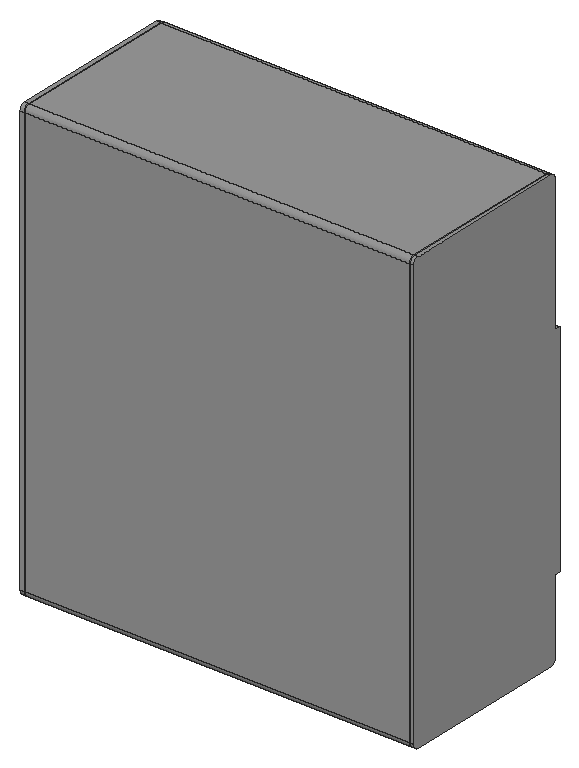
Revit family "L&L_LUCE&LIGHT_PASITO_1.0", category Lighting Fixtures, host Wall, Revit 2018 (continued)
Types (2, lengths in mm): name | Photometric Web File | built-in parameter 1150142
     \r\n12.42 12.08 11.77 11.39 11.08 10.76 10.46 10.13 9.83 9.54 \r\n9.19 8.92 8.64 8.34 8.08 7.80 7.51 7.27 7.03 6.77 6.50 \r\n6.27 6.04 5.79 5.54 5.32 5.10 4.86 4.64 4.44 4.24 4.02 \r\n3.83 3.65 3.46 3.27 3.09 2.92 2.74 2.58 2.42 2.25 2.09 \r\n1.93 1.79 1.55 1.11 0.54 0.12 0.01 \r\n0.01 0.06 0.26 0.56 1.05 1.76 1.98 2.01 2.08 2.24 2.89 \r\n4.08 5.77 7.89 10.31 13.23 16.95 21.35 26.32 32.09 39.55 \r\n48.38 58.14 68.86 79.59 88.46 94.89 99.36 102.63 105.23 \r\n107.89 110.80 113.68 116.29 118.59 120.67 122.97 125.38 \r\n127.43 129.26 131.30 133.23 134.94 136.48 137.92 139.39 \r\n140.77 141.91 142.75 143.63 144.53 145.13 145.46 145.71 \r\n145.88 145.80 145.41 144.89 144.34 143.64 142.75 141.62 \r\n140.13 138.44 136.71 134.82 132.76 130.49 127.94 125.12 \r\n122.04 118.70 115.09 111.14 106.79 102.05 96.95 91.46 \r\n85.70 79.87 74.17 68.77 63.77 59.22 55.12 51.49 48.28 \r\n45.43 42.91 40.66 38.65 36.84 35.19 33.67 32.22 30.85 \r\n29.57 28.37 27.27 26.27 25.35 24.51 23.74 23.03 22.37 \r\n21.76 21.21 20.73 20.32 19.95 19.57 19.13 18.64 18.14 \r\n17.66 17.20 16.79 16.42 16.09 15.76 15.35 14.92 14.57 \r\n14.25 13.89 13.51 13.17 12.83 12.49 12.14 11.81 11.52 \r\n11.19 10.83 10.55 10.27 9.95 9.68 9.41 9.09 8.82 8.55 \r\n8.24 8.00 7.77 7.49 7.26 7.03 6.78 6.53 6.31 6.10 5.86 \r\n5.63 5.42 5.22 5.00 4.78 4.58 4.40 4.20 3.99 3.81 3.64 \r\n3.45 3.28 3.11 2.95 2.78 2.63 2.48 2.32 2.18 2.03 1.88 \r\n1.74 1.48 1.02 0.48 0.11 0.01 \r\n0.01 0.05 0.23 0.50 0.90 1.55 1.94 1.99 2.03 2.11 2.34 \r\n3.08 4.24 5.84 7.79 10.02 12.74 16.04 19.98 24.34 29.21 \r\n35.61 43.23 51.66 60.85 70.67 79.95 86.97 91.91 95.26 \r\n97.74 99.96 102.21 104.28 106.32 108.34 110.18 111.71 \r\n113.16 114.73 116.21 117.43 118.62 119.76 120.79 121.78 \r\n122.65 123.23 123.66 124.11 124.47 124.61 124.55 124.41 \r\n124.25 123.94 123.41 122.64 121.75 120.81 119.78 118.57 \r\n117.18 115.62 113.88 111.98 109.95 107.80 105.56 103.23 \r\n100.74 98.07 95.17 92.10 88.88 85.50 81.95 78.20 74.28 \r\n70.23 66.14 62.10 58.21 54.53 51.13 48.02 45.19 42.64 \r\n40.34 38.27 36.41 34.72 33.18 31.73 30.36 29.04 27.79 \r\n26.63 25.58 24.61 23.72 22.89 22.11 21.40 20.76 20.19 \r\n19.68 19.21 18.76 18.29 17.82 17.35 16.89 16.47 16.08 \r\n15.71 15.39 15.08 14.72 14.32 13.95 13.63 13.30 12.94 \r\n12.59 12.29 11.97 11.63 11.32 11.06 10.77 10.45 10.15 \r\n9.89 9.62 9.32 9.06 8.82 8.57 8.30 8.05 7.82 7.58 7.34 \r\n7.12 6.90 6.67 6.44 6.24 6.03 5.81 5.60 5.41 5.21 5.01 \r\n4.82 4.64 4.47 4.28 4.09 3.91 3.75 3.58 3.40 3.24 3.09 \r\n2.94 2.78 2.64 2.50 2.36 2.22 2.09 1.96 1.83 1.68 1.38 \r\n0.92 0.42 0.09 0.01 \r\n0.01 0.05 0.20 0.43 0.75 1.27 1.82 1.97 2.00 2.05 2.12 \r\n2.35 3.03 4.08 5.46 7.15 9.10 11.43 14.22 17.55 21.33 \r\n25.40 30.03 35.97 43.07 50.80 58.98 67.35 75.20 81.47 \r\n85.99 88.97 90.87 92.38 93.94 95.52 96.99 98.37 99.53 \r\n100.43 101.29 102.13 102.78 103.28 103.84 104.45 104.96 \r\n105.22 105.19 105.06 105.03 105.00 104.90 104.61 104.06 \r\n103.43 102.80 102.06 101.09 99.93 98.72 97.46 96.14 94.78 \r\n93.36 91.83 90.17 88.33 86.41 84.44 82.48 80.52 78.51 \r\n76.40 74.17 71.83 69.37 66.79 64.11 61.34 58.49 55.61 \r\n52.72 49.88 47.13 44.52 42.07 39.79 37.70 35.79 34.04 \r\n32.45 30.98 29.62 28.31 27.06 25.85 24.72 23.67 22.71 \r\n21.83 21.02 20.26 19.55 18.91 18.33 17.80 17.30 16.81 \r\n16.33 15.88 15.48 15.12 14.78 14.45 14.12 13.79 13.44 \r\n13.10 12.78 12.47 12.16 11.85 11.56 11.26 10.96 10.68 \r\n10.42 10.14 9.85 9.59 9.34 9.08 8.84 8.59 8.35 8.12 7.91 \r\n7.69 7.46 7.24 7.03 6.83 6.63 6.42 6.22 6.02 5.83 5.64 \r\n5.47 5.29 5.11 4.92 4.75 4.59 4.42 4.25 4.09 3.93 3.78 \r\n3.62 3.46 3.31 3.17 3.03 2.88 2.74 2.61 2.49 2.36 2.24 \r\n2.12 2.00 1.88 1.76 1.59 1.27 0.81 0.36 0.08 0.01 \r\n0.01 0.04 0.16 0.36 0.62 1.01 1.53 1.94 1.97 2.00 2.05 \r\n2.11 2.27 2.75 3.57 4.71 6.10 7.67 9.48 11.66 14.21 17.17 \r\n20.58 24.35 28.37 33.12 38.85 45.34 52.45 59.82 66.77 \r\n72.60 76.97 80.06 82.11 83.42 84.38 85.27 86.09 86.84 \r\n87.56 88.17 88.57 88.82 88.98 89.12 89.24 89.23 89.05 \r\n88.73 88.34 87.94 87.55 87.11 86.58 85.93 85.20 84.44 \r\n83.60 82.69 81.72 80.69 79.61 78.47 77.24 75.99 74.70 \r\n73.38 71.99 70.56 69.07 67.56 66.01 64.40 62.75 61.04 \r\n59.27 57.45 55.57 53.63 51.63 49.57 47.45 45.28 43.11 \r\n40.96 38.88 36.89 35.01 33.24 31.59 30.07 28.64 27.31 \r\n26.04 24.83 23.66 22.55 21.50 20.51 19.59 18.75 17.99 \r\n17.34 16.76 16.24 15.76 15.29 14.83 14.38 13.95 13.58 \r\n13.24 12.92 12.61 12.31 12.01 11.72 11.42 11.12 10.84 \r\n10.57 10.31 10.05 9.80 9.57 9.32 9.08 8.85 8.62 8.40 8.18 \r\n7.96 7.75 7.55 7.35 7.15 6.96 6.78 6.60 6.42 6.22 6.04 \r\n5.87 5.71 5.54 5.37 5.21 5.04 4.88 4.73 4.59 4.44 4.28 \r\n4.13 3.99 3.85 3.71 3.56 3.43 3.30 3.17 3.04 2.92 2.79 \r\n2.66 2.54 2.43 2.32 2.21 2.10 2.00 1.89 1.79 1.69 1.47 \r\n1.12 0.69 0.29 0.07 0.01 \r\n0.01 0.03 0.12 0.29 0.50 0.77 1.15 1.61 1.94 1.97 1.99 \r\n2.02 2.09 2.16 2.39 2.88 3.65 4.68 5.92 7.29 8.86 10.67 \r\n12.73 15.09 17.77 20.79 24.17 27.96 32.27 37.13 42.40 \r\n48.11 54.17 60.06 65.10 68.89 71.46 73.16 74.18 74.68 \r\n74.98 75.29 75.61 75.82 75.91 75.92 75.87 75.76 75.53 \r\n75.17 74.68 74.14 73.64 73.12 72.59 72.02 71.37 70.66 \r\n69.91 69.16 68.41 67.62 66.80 65.95 65.07 64.14 63.13 \r\n62.08 61.01 59.91 58.79 57.62 56.42 55.19 53.93 52.66 \r\n51.36 50.03 48.65 47.22 45.73 44.18 42.56 40.88 39.16 \r\n37.42 35.68 33.96 32.28 30.65 29.09 27.62 26.23 24.90 \r\n23.62 22.39 21.20 20.07 18.99 17.99 17.05 16.19 15.40 \r\n14.69 14.06 13.52 13.05 12.64 12.29 11.98 11.69 11.43 \r\n11.17 10.91 10.64 10.37 10.12 9.87 9.62 9.39 9.15 8.92 \r\n8.71 8.51 8.32 8.12 7.92 7.72 7.53 7.35 7.17 6.99 6.82 \r\n6.64 6.48 6.32 6.15 5.99 5.84 5.69 5.55 5.40 5.25 5.11 \r\n4.97 4.83 4.70 4.57 4.44 4.31 4.17 4.04 3.92 3.80 3.67 \r\n3.54 3.42 3.31 3.20 3.09 2.97 2.87 2.76 2.65 2.55 2.45 \r\n2.35 2.24 2.14 2.05 1.96 1.87 1.79 1.71 1.57 1.32 0.96 \r\n0.56 0.22 0.05 0.01 \r\n0.01 0.03 0.10 0.22 0.38 0.58 0.82 1.15 1.52 1.82 1.95 \r\n1.97 2.00 2.03 2.09 2.18 2.35 2.66 3.15 3.90 4.83 5.91 \r\n7.13 8.50 10.09 11.91 13.97 16.18 18.47 21.04 23.99 27.37 \r\n31.20 35.47 40.00 44.70 49.18 53.35 57.03 60.09 62.22 \r\n63.54 64.15 64.35 64.35 64.28 64.22 64.18 64.04 63.78 \r\n63.38 62.90 62.37 61.83 61.28 60.75 60.20 59.63 59.03 \r\n58.41 57.79 57.16 56.52 55.87 55.20 54.51 53.78 53.03 \r\n52.24 51.41 50.55 49.67 48.77 47.85 46.91 45.92 44.90 \r\n43.84 42.76 41.64 40.49 39.29 38.04 36.74 35.37 33.95 \r\n32.48 30.96 29.44 27.91 26.42 24.98 23.58 22.23 20.90 \r\n19.60 18.33 17.11 15.95 14.88 13.92 13.06 12.31 11.66 \r\n11.12 10.70 10.37 10.11 9.89 9.69 9.47 9.25 9.02 8.79 \r\n8.57 8.36 8.17 8.00 7.82 7.65 7.47 7.29 7.12 6.95 6.79 \r\n6.63 6.49 6.35 6.21 6.07 5.93 5.79 5.66 5.53 5.41 5.28 \r\n5.16 5.04 4.93 4.81 4.69 4.58 4.46 4.35 4.24 4.13 4.02 \r\n3.92 3.82 3.72 3.61 3.51 3.40 3.30 3.20 3.11 3.01 2.92 \r\n2.83 2.74 2.65 2.56 2.47 2.39 2.30 2.21 2.12 2.05 1.97 \r\n1.89 1.82 1.75 1.67 1.56 1.37 1.11 0.78 0.44 0.18 0.05 \r\n0.01 \r\n0.01 0.03 0.08 0.15 0.27 0.41 0.56 0.74 0.99 1.26 1.55 \r\n1.78 1.94 1.96 1.99 2.02 2.05 2.09 2.16 2.28 2.49 2.80 \r\n3.32 3.99 4.78 5.68 6.64 7.68 8.97 10.44 12.16 13.91 \r\n15.67 17.57 19.69 22.23 25.01 28.06 31.32 34.77 38.35 \r\n41.83 44.81 47.30 49.08 50.40 51.15 51.55 51.49 51.34 \r\n50.97 50.62 50.19 49.72 49.23 48.63 48.10 47.47 46.86 \r\n46.27 45.70 45.19 44.69 44.18 43.66 43.11 42.57 42.08 \r\n41.65 41.17 40.67 40.12 39.51 38.79 38.03 37.26 36.48 \r\n35.68 34.85 33.99 33.11 32.20 31.27 30.30 29.26 28.14 \r\n26.91 25.61 24.25 22.87 21.50 20.18 18.89 17.63 16.40 \r\n15.17 13.96 12.80 11.71 10.73 9.89 9.20 8.65 8.22 7.91 \r\n7.69 7.54 7.43 7.33 7.22 7.09 6.94 6.79 6.64 6.50 6.37 \r\n6.24 6.12 6.01 5.89 5.77 5.66 5.55 5.44 5.34 5.24 5.14 \r\n5.04 4.94 4.83 4.73 4.63 4.54 4.44 4.36 4.27 4.19 4.10 \r\n4.02 3.94 3.86 3.77 3.68 3.59 3.51 3.43 3.35 3.27 3.19 \r\n3.11 3.04 2.96 2.88 2.81 2.74 2.67 2.60 2.52 2.45 2.38 \r\n2.31 2.24 2.18 2.11 2.04 1.98 1.91 1.85 1.79 1.73 1.67 \r\n1.59 1.46 1.30 1.10 0.87 0.59 0.32 0.14 0.04 0.01 \r\n0.01 0.02 0.05 0.11 0.17 0.26 0.35 0.46 0.57 0.72 0.88 \r\n1.09 1.30 1.50 1.68 1.82 1.93 1.95 1.98 2.01 2.03 2.05 \r\n2.08 2.14 2.23 2.38 2.58 2.94 3.36 3.97 4.65 5.41 6.21 \r\n7.06 8.01 9.08 10.31 11.61 13.03 14.50 16.05 17.65 19.11 \r\n20.55 21.78 22.76 23.50 23.90 24.01 23.91 23.65 23.41 \r\n23.22 23.04 22.91 22.79 22.64 22.50 22.40 22.30 22.19 \r\n22.07 21.93 21.78 21.65 21.52 21.38 21.22 21.04 20.83 \r\n20.64 20.47 20.30 20.12 19.93 19.72 19.49 19.22 18.91 \r\n18.55 18.14 17.69 17.20 16.67 16.11 15.53 14.92 14.30 \r\n13.68 13.05 12.44 11.83 11.22 10.58 9.90 9.14 8.32 7.48 \r\n6.70 6.02 5.59 5.42 5.29 5.19 5.08 5.00 4.97 4.93 4.88 \r\n4.84 4.78 4.73 4.67 4.62 4.57 4.51 4.45 4.38 4.32 4.25 \r\n4.19 4.13 4.07 4.01 3.95 3.89 3.83 3.76 3.70 3.64 3.58 \r\n3.52 3.47 3.41 3.35 3.29 3.24 3.18 3.12 3.07 3.01 2.96 \r\n2.91 2.86 2.80 2.74 2.69 2.63 2.58 2.53 2.48 2.43 2.38 \r\n2.33 2.27 2.22 2.17 2.13 2.08 2.03 1.99 1.93 1.88 1.84 \r\n1.79 1.74 1.70 1.64 1.58 1.49 1.38 1.25 1.11 0.96 0.80 \r\n0.63 0.41 0.23 0.09 0.04 0.01 \r\n0.01 0.02 0.04 0.07 0.11 0.15 0.19 0.25 0.29 0.35 0.41 \r\n0.48 0.57 0.69 0.82 0.95 1.09 1.23 1.35 1.46 1.57 1.67 \r\n1.77 1.86 1.93 1.94 1.96 1.99 2.01 2.04 2.06 2.08 2.12 \r\n2.18 2.29 2.47 2.69 2.95 3.34 3.76 4.20 4.67 5.18 5.65 \r\n6.05 6.39 6.64 6.77 6.81 6.78 6.73 6.68 6.64 6.60 6.60 \r\n6.60 6.60 6.59 6.59 6.60 6.63 6.66 6.69 6.71 6.71 6.73 \r\n6.76 6.79 6.83 6.86 6.88 6.88 6.87 6.84 6.80 6.76 6.74 \r\n6.72 6.71 6.68 6.65 6.58 6.49 6.37 6.24 6.09 5.94 5.78 \r\n5.61 5.41 5.20 4.95 4.69 4.42 4.16 3.92 3.72 3.55 3.41 \r\n3.31 3.24 3.22 3.19 3.16 3.13 3.10 3.08 3.06 3.04 3.02 \r\n2.99 2.97 2.95 2.93 2.90 2.88 2.85 2.83 2.81 2.79 2.77 \r\n2.74 2.72 2.69 2.66 2.64 2.61 2.59 2.57 2.54 2.52 2.50 \r\n2.47 2.44 2.41 2.38 2.35 2.31 2.28 2.25 2.22 2.19 2.16 \r\n2.14 2.11 2.08 2.05 2.02 1.99 1.96 1.93 1.90 1.86 1.83 \r\n1.80 1.77 1.75 1.72 1.70 1.67 1.64 1.60 1.56 1.50 1.43 \r\n1.35 1.27 1.18 1.08 0.99 0.89 0.79 0.70 0.60 0.50 0.40 \r\n0.27 0.15 0.07 0.03 0.01 \r\n0.01 0.01 0.03 0.04 0.06 0.08 0.09 0.11 0.12 0.14 0.15 \r\n0.17 0.19 0.22 0.24 0.27 0.29 0.32 0.35 0.39 0.43 0.48 \r\n0.53 0.57 0.63 0.68 0.74 0.79 0.85 0.91 0.98 1.05 1.12 \r\n1.19 1.25 1.31 1.37 1.43 1.48 1.52 1.55 1.57 1.58 1.59 \r\n1.60 1.61 1.62 1.64 1.66 1.68 1.69 1.71 1.73 1.74 1.76 \r\n1.78 1.81 1.84 1.87 1.90 1.92 1.95 1.97 1.99 2.01 2.02 \r\n2.03 2.04 2.05 2.06 2.07 2.08 2.08 2.09 2.09 2.08 2.08 \r\n2.06 2.05 2.03 2.01 1.99 1.97 1.95 1.93 1.92 1.90 1.89 \r\n1.87 1.86 1.85 1.85 1.84 1.83 1.82 1.81 1.80 1.79 1.78 \r\n1.77 1.76 1.75 1.74 1.73 1.73 1.71 1.70 1.69 1.67 1.66 \r\n1.64 1.62 1.61 1.60 1.59 1.58 1.57 1.57 1.56 1.55 1.55 \r\n1.54 1.53 1.53 1.52 1.52 1.52 1.51 1.51 1.50 1.50 1.49 \r\n1.48 1.48 1.47 1.46 1.45 1.44 1.43 1.42 1.42 1.41 1.41 \r\n1.40 1.39 1.38 1.36 1.34 1.32 1.30 1.28 1.24 1.20 1.17 \r\n1.13 1.09 1.05 1.01 0.96 0.92 0.87 0.82 0.77 0.72 0.67 \r\n0.62 0.57 0.52 0.46 0.42 0.39 0.36 0.33 0.29 0.25 0.22 \r\n0.16 0.10 0.06 0.03 0.01 \r\n0.01 0.01 0.01 0.02 0.02 0.02 0.02 0.02 0.02 0.02 0.02 \r\n0.02 0.02 0.02 0.02 0.02 0.02 0.02 0.02 0.02 0.02 0.02 \r\n0.02 0.02 0.02 0.03 0.03 0.03 0.03 0.03 0.03 0.03 0.03 \r\n0.03 0.03 0.03 0.03 0.03 0.03 0.04 0.04 0.04 0.04 0.04 \r\n0.04 0.04 0.04 0.04 0.04 0.04 0.04 0.04 0.04 0.04 0.04 \r\n0.04 0.04 0.04 0.04 0.05 0.05 0.05 0.05 0.05 0.05 0.05 \r\n0.05 0.05 0.05 0.05 0.05 0.05 0.05 0.05 0.05 0.05 0.05 \r\n0.05 0.05 0.05 0.05 0.05 0.05 0.05 0.05 0.05 0.05 0.05 \r\n0.05 0.05 0.05 0.05 0.05 0.05 0.05 0.05 0.06 0.06 0.06 \r\n0.06 0.06 0.06 0.06 0.06 0.06 0.06 0.06 0.06 0.06 0.06 \r\n0.06 0.06 0.06 0.06 0.06 0.06 0.06 0.06 0.06 0.06 0.06 \r\n0.06 0.06 0.06 0.06 0.06 0.06 0.06 0.06 0.06 0.06 0.06 \r\n0.06 0.06 0.06 0.06 0.07 0.07 0.07 0.07 0.07 0.07 0.07 \r\n0.07 0.07 0.07 0.07 0.07 0.07 0.07 0.07 0.07 0.07 0.07 \r\n0.07 0.07 0.07 0.07 0.07 0.07 0.07 0.07 0.07 0.07 0.07 \r\n0.07 0.07 0.07 0.07 0.07 0.07 0.07 0.08 0.08 0.08 0.08 \r\n0.07 0.06 0.04 0.02 0.01 \r\n"
